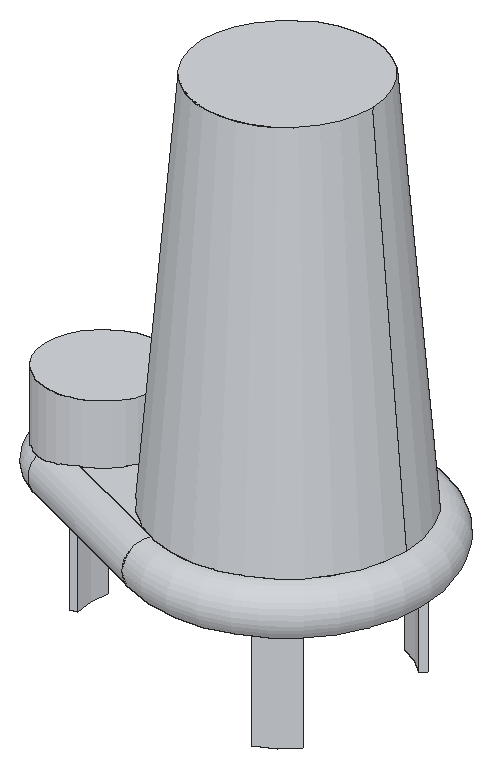
Revit family "24be7f513133485abc4625e46ff8460c", category Mechanical Equipment, Revit 2021
Family settings
  Round Connector Dimension = Use Radius
  Classification = Pump
  Part Type = Normal
  OmniClass Number = 23.60.30.21
  OmniClass Title = Pumps
  Seek Item ID = Sewage Pump - Vertical Discharge-0000-USA-ENU
  Work Plane-Based = No
  Always vertical = Yes
  Cut with Voids When Loaded = No
  Shared = No
  Room Calculation Point = No
Parameters (values of type "100 GPM - 10 Foot Head")
  Voltage = 115 V
  Pump Material = none
  Number of Poles = 1
  Load Classification = Appliance - Dwelling Unit
  Flow [instance] = 100 GPM
  Discharge Nominal Radius = 1"
  Discharge Nominal Diameter = Discharge Nominal Radius * 2  # 2"
  Default Elevation = 0' - 0"
  Apparent Load = 1330 VA
Types (3): name | Flow
  (no name) | 100 GPM
  35 GPM - 20 Foot Head | 35 GPM
  100 GPM - 10 Foot Head | 100 GPM
Reference planes (in)
  plane 1 "Center (Front/Back)": y = 0
  plane 2: z = 0
  plane 3 "Center (Left/Right)": x = 0
  plane 4 "Base Bottom Plane": z = 4.0625
  plane 5 "Base Center": z = 5
  plane 6: y = -4.5
  plane 7: y = -5.15625
  plane 8: z = 5.9375
  plane 9: x = -6.96875
  plane 10: x = 4.5
  plane 11: x = 5.15625
  plane 12: x = -3.53125
  plane 13: z = 20.5
  plane 14: z = 8.1875
Forms (in)
  Sweep 1, solid, material <- "Pump Material"
    path origin (0, 0, 5) x (0, 1, 0) y (-1, 0, 0)
      loop
        arc (-4.06647, 1.92712) -> (0, -4.5) -> (4.06647, 1.92712) r 4.5
        line (4.06647, 1.92712) -> (1.36961, 7.61782)
        arc (1.36961, 7.61782) -> (0, 8.48437) -> (-1.36961, 7.61782) r 1.51563
        line (-1.36961, 7.61782) -> (-4.06647, 1.92712)
    profile origin (4.5, 0, 5) x (-1, 0, 0) y (0, 0, 1)
      loop
        arc (0, 0.9375) -> (-0.9375, 0) -> (0, -0.9375) r 0.9375
        line (0, -0.9375) -> (1, -0.9375) -> (1, 0.9375) -> (0, 0.9375)
  Extrusion 2, solid, material <- "Pump Material"
    sketch origin (0, 0, 4.0625) x (0, 1, 0) y (-1, 0, 0)
      loop
        arc (-4.06646, 1.92714) -> (0, -4.5) -> (4.06646, 1.92714) r 4.5
        line (4.06646, 1.92714) -> (1.36961, 7.61782)
        arc (1.36961, 7.61782) -> (0, 8.48437) -> (-1.36961, 7.61782) r 1.51563
        line (-1.36961, 7.61782) -> (-4.06646, 1.92714)
    from 0 to 1.875
  Blend 3, solid, material <- "Pump Material"
    base sketch origin (0, 0, 4.0625) x (0, 1, 0) y (-1, 0, 0)
      loop
        circle (0, 0) r 4.5
    top sketch origin (0, 0, 4.0625) x (0, 1, 0) y (-1, 0, 0)
      loop
        circle (0, 0) r 3.23438
    from 1.875 to 16.4375
  Extrusion 4, solid, material <- "Pump Material"
    sketch origin (0, 0, 0) x (1, 0, 0) y (0, 1, 0)
      loop
        arc (-7.6179, 0.75742) -> (-7.6875, 0) -> (-7.6179, -0.75742) r 4.15625
        line (-7.6179, -0.75742) -> (-7.37209, -0.71186)
        arc (-7.37209, -0.71186) -> (-7.4375, 0) -> (-7.37209, 0.71186) r 3.90625
        line (-7.37209, 0.71186) -> (-7.6179, 0.75742)
    from 0 to 4.0625
  Extrusion 5, solid, material <- "Pump Material"
    sketch origin (0, 0, 0) x (1, 0, 0) y (0, 1, 0)
      loop
        arc (2.93891, 2.93891) -> (2.35413, 3.42527) -> (1.6905, 3.79692) r 4.15625
        line (1.6905, 3.79692) -> (1.58882, 3.56854)
        arc (1.58882, 3.56854) -> (2.21252, 3.21924) -> (2.76214, 2.76214) r 3.90625
        line (2.76214, 2.76214) -> (2.93891, 2.93891)
      loop
        line (1.58882, -3.56854) -> (1.6905, -3.79692)
        arc (1.6905, -3.79692) -> (2.35413, -3.42527) -> (2.93891, -2.93891) r 4.15625
        line (2.93891, -2.93891) -> (2.76214, -2.76214)
        arc (2.76214, -2.76214) -> (2.21252, -3.21924) -> (1.58882, -3.56854) r 3.90625
    from 0 to 4.0625
  Extrusion 6, solid, material <- "Pump Material"
    sketch origin (0, 0, 0) x (1, 0, 0) y (0, 1, 0)
      loop
        circle (-6.96875, 0) r 2.17188
    from 5 to 8.1875
Cuts and joins
  joined: Extrusion 4, Extrusion 5
  joined: Sweep 1, Extrusion 2, Extrusion 6
Lines and regions (in)
  reference lines
    curve 1: arc (-7.6179, 0.75742, 0) -> (-7.6875, 0, 0) -> (-7.6179, -0.75742, 0) r 4.15625
    curve 2: line (-3.53125, 0, 0) -> (-7.6179, 0.75742, 0)
    curve 3: line (-3.53125, 0, 0) -> (-7.6179, -0.75742, 0)
    curve 4: arc (-7.37209, 0.71186, 0) -> (-7.4375, 0, 0) -> (-7.37209, -0.71186, 0) r 3.90625
    curve 5: line (0, 0, 0) -> (12.75, 0, 0)
    curve 6: line (0, 0, 0) -> (9.72272, 9.72272, 0)
    curve 7: line (0, 0, 0) -> (6.4061, 14.38834, 0)
    curve 8: line (0, 0, 0) -> (11.13693, -11.13693, 0)
    curve 9: line (0, 0, 0) -> (8.13473, -18.27091, 0)
    curve 10: arc (2.93891, 2.93891, 0) -> (2.35413, 3.42527, 0) -> (1.6905, 3.79692, 0) r 4.15625
    curve 11: arc (1.6905, -3.79692, 0) -> (2.35413, -3.42527, 0) -> (2.93891, -2.93891, 0) r 4.15625
    curve 12: arc (2.76214, 2.76214, 0) -> (2.21252, 3.21924, 0) -> (1.58882, 3.56854, 0) r 3.90625
    curve 13: arc (1.58882, -3.56854, 0) -> (2.21252, -3.21924, 0) -> (2.76214, -2.76214, 0) r 3.90625
Dimensions and locks (in)
  locked: plane 5 "Base Center" to plane 4 "Base Bottom Plane" at 0.9375
  locked: plane 1 "Center (Front/Back)" to plane 6 at 4.5
  locked: plane 6 to plane 7 at 0.65625
  locked: plane 8 to plane 5 "Base Center" at 0.9375
  locked: plane 9 to plane 3 "Center (Left/Right)" at 6.96875
  locked: plane 10 to plane 3 "Center (Left/Right)" at 4.5
  locked: plane 11 to plane 10 at 0.65625
  plane 12 to plane 3 "Center (Left/Right)" = 0' - 3 17/32"
  locked: plane 13 to plane 8 at 14.5625
  locked: plane 14 to plane 2 at 8.1875
  locked: plane 4 "Base Bottom Plane" to plane 2 at 4.0625
  radius of Sweep 1 sketch curve = 0' - 4 1/2"
  radius of Sweep 1 sketch curve = 0' - 1 33/64"
  radius of Extrusion 2 sketch curve = 0' - 4 1/2"
  radius of Extrusion 2 sketch curve = 0' - 1 33/64"
  radius of Blend 3 sketch curve = 0' - 4 1/2"
  radius of Blend 3 sketch curve = 0' - 3 15/64"
  radius of curve 1 = 0' - 4 5/32"
  radius of curve 4 = 0' - 3 29/32"
  radius of curve 10 = 0' - 4 5/32"
  radius of curve 11 = 0' - 4 5/32"
  radius of curve 12 = 0' - 3 29/32"
  radius of curve 13 = 0' - 3 29/32"
  radius of Sweep 1 sketch curve = 0' - 0 15/16"
  locked: curve 2 to plane 1 "Center (Front/Back)" (angle 10.50°)
  locked: plane 1 "Center (Front/Back)" to curve 3 (angle 10.50°)
  locked: curve 5 to curve 6 (angle 45.00°)
  locked: curve 6 to curve 7 (angle 21.00°)
  locked: curve 8 to curve 5 (angle 45.00°)
  locked: curve 9 to curve 8 (angle 21.00°)
  aligned and locked: plane 9 to Sweep 1 sketch curve
  aligned and locked: plane 1 "Center (Front/Back)" to Sweep 1 sketch curve  (x2)
  aligned and locked: plane 3 "Center (Left/Right)" to Sweep 1 sketch curve
  aligned and locked: plane 3 "Center (Left/Right)" to Extrusion 2 sketch curve
  aligned and locked: plane 1 "Center (Front/Back)" to Extrusion 2 sketch curve  (x2)
  aligned and locked: plane 9 to Extrusion 2 sketch curve
  aligned and locked: plane 3 "Center (Left/Right)" to Blend 3 sketch curve  (x2)
  aligned and locked: plane 1 "Center (Front/Back)" to Blend 3 sketch curve  (x2)
  aligned and locked: Blend 3 to plane 8
  aligned and locked: plane 13 to Blend 3
  aligned and locked: plane 12 to curve 1
  aligned and locked: plane 1 "Center (Front/Back)" to curve 1
  aligned and locked: plane 12 to curve 2
  aligned and locked: plane 1 "Center (Front/Back)" to curve 2
  aligned and locked: plane 12 to curve 3
  aligned and locked: plane 1 "Center (Front/Back)" to curve 3
  aligned and locked: curve 2 to curve 2
  aligned and locked: curve 2 to curve 4
  aligned and locked: curve 3 to curve 4
  aligned and locked: curve 3 to curve 3
  aligned and locked: curve 3 to Extrusion 4 sketch curve  (x3)
  aligned and locked: Extrusion 4 sketch curve to curve 2
  aligned and locked: curve 2 to Extrusion 4 sketch curve  (x2)
  aligned and locked: plane 4 "Base Bottom Plane" to Extrusion 4
  aligned and locked: plane 3 "Center (Left/Right)" to curve 5
  aligned and locked: plane 1 "Center (Front/Back)" to curve 5  (x2)
  aligned and locked: plane 3 "Center (Left/Right)" to curve 6
  aligned and locked: plane 1 "Center (Front/Back)" to curve 6
  aligned and locked: plane 3 "Center (Left/Right)" to curve 7
  aligned and locked: plane 1 "Center (Front/Back)" to curve 7
  aligned and locked: plane 3 "Center (Left/Right)" to curve 8
  aligned and locked: plane 1 "Center (Front/Back)" to curve 8
  aligned and locked: plane 3 "Center (Left/Right)" to curve 9
  aligned and locked: plane 1 "Center (Front/Back)" to curve 9
  aligned and locked: plane 3 "Center (Left/Right)" to curve 10
  aligned and locked: plane 1 "Center (Front/Back)" to curve 10
  aligned and locked: plane 3 "Center (Left/Right)" to curve 11
  aligned and locked: plane 1 "Center (Front/Back)" to curve 11
  aligned and locked: curve 7 to curve 10
  aligned and locked: curve 6 to curve 10
  aligned and locked: curve 8 to curve 11
  aligned and locked: curve 9 to curve 11
  aligned and locked: plane 3 "Center (Left/Right)" to curve 13
  aligned and locked: plane 3 "Center (Left/Right)" to curve 12
  aligned and locked: plane 1 "Center (Front/Back)" to curve 13
  aligned and locked: plane 1 "Center (Front/Back)" to curve 12
  aligned and locked: curve 8 to curve 13
  aligned and locked: curve 9 to curve 13
  aligned and locked: curve 7 to curve 12
  aligned and locked: curve 6 to curve 12
  aligned and locked: Extrusion 5 sketch curve to curve 7
  aligned and locked: Extrusion 5 sketch curve to curve 6
  aligned and locked: curve 6 to Extrusion 5 sketch curve  (x2)
  aligned and locked: curve 7 to Extrusion 5 sketch curve  (x2)
  aligned and locked: curve 8 to Extrusion 5 sketch curve  (x3)
  aligned and locked: Extrusion 5 sketch curve to curve 9
  aligned and locked: curve 9 to Extrusion 5 sketch curve  (x2)
  aligned and locked: plane 4 "Base Bottom Plane" to Extrusion 5
  aligned and locked: plane 9 to Extrusion 6 sketch curve
  aligned and locked: plane 1 "Center (Front/Back)" to Extrusion 6 sketch curve
  aligned and locked: plane 14 to Extrusion 6
  aligned and locked: Extrusion 6 to plane 5 "Base Center"
  aligned and locked: Sweep 1 sketch curve to plane 4 "Base Bottom Plane"
  aligned and locked: plane 8 to Sweep 1 sketch curve
  aligned and locked: plane 4 "Base Bottom Plane" to cut or joined group of Extrusion 4, Extrusion 5
  aligned and locked: cut or joined group of Extrusion 4, Extrusion 5 to plane 4 "Base Bottom Plane"  (x2)
  aligned and locked: cut or joined group of Extrusion 4, Extrusion 5 to plane 2
  aligned and locked: plane 5 "Base Center" to Sweep 1 sketch curve
  aligned and locked: plane 10 to Sweep 1 sketch curve
Connectors (in)
  electrical at (0, 0, 20.5), driven by "Number of Poles", driven by "Apparent Load", driven by "Voltage", driven by "Load Classification"
    settings: on Blend 3, index 2, voltage 115 V, apparent load 1330 VA, apparent load phase1 0 VA, apparent load phase2 0 VA, apparent load phase3 0 VA, power factor 0.8, load classification "Appliance - Dwelling Unit", number of poles 1, system type 30, power factor state 1, is connector primary yes, connector utility no, sub classification motor no, connector description ""
  piping at (-6.96875, 0, 8.1875), diameter 2, driven by "Discharge Nominal Radius", driven by "Flow"
    settings: on cut or joined group of Sweep 1, Extrusion 2, Extrusion 6, index 3, connector inside diameter 2", connector length 0' - 0", flow factor 0, pipe flow 100 GPM, pressure drop 0.00 psi, fitting loss kfactor 0, connector angle 0.00°, fixture units 0, engagement length 0' - 0", angle of deflection 0.00°, flow configuration 1, flow direction 2, fitting loss method 0, system type 16, joint type 0, gender type 0, connector reference index -1, connector utility 0, adjustable connector no, is connector primary yes, connector description "Water Out"
